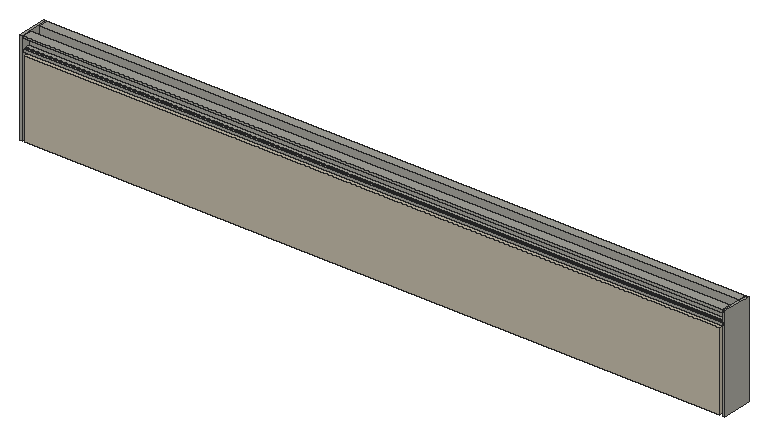
Revit family "Haworth_ComposeBeam_Panel_Solid", category Furniture Systems, Revit 2018
Family settings
  Round Connector Dimension = Use Diameter
  Part Type = Normal
  OmniClass Number = 23.40.70.14.64.21
  OmniClass Title = Systems Furniture
  Work Plane-Based = No
  Always vertical = Yes
  Cut with Voids When Loaded = No
  Shared = No
  Room Calculation Point = No
Parameters (values of type "72w 25h")
  Work Rail Top Trim [instance] = yes
  Width = 72"
  Warranty = "https://www.haworth.com/resources/product-info/warranties"
  URL - Product = "http://haworth.com/products/workspaces/panel-based/compose-connections"
  URL = "http://www.haworth.com/"
  Trim Finish = Haworth _ Paint _ Gray Tone
  Trim Depth = 3"  # constant formula
  Top Trim Width = 1/4"  # constant formula
  End Trim Top [instance] = if(Work Rail Top Trim, 26 3/4", 25 1/2")  # 26 3/4"
  Top Trim [instance] = not(Work Rail Top Trim)  # no
  Technology Trim Finish = Haworth _ Paint _ Gray Tone
  Technology Accesss Limitations [instance] = "Technology Accesss Only With Single Tile To Open Base"  # constant formula
  Sustainability Info = "http://media.haworth.com/asset/2999/Compose%20PEDS.pdf"
  Size = "Verify Final Dim. w/ Haworth"  # constant formula
  Single Tile To Floor [instance] = no
  Single Tile Open Base [instance] = not(or(Segmented Tile Open Base, Single Tile To Floor, Segmented Tile To Floor))  # yes
  Segmented Tiles [instance] = or(Segmented Tile To Floor, Segmented Tile Open Base)  # no
  Segmented Tile To Floor [instance] = no
  Segmented Tile Open Base [instance] = no
  Revision Number = "3"  # constant formula
  Panel Width = Actual Width  # 72"
  Panel Height Front [instance] = 23 1/8"  # constant formula
  Panel Height Back [instance] = 23 1/8"  # constant formula
  Model = "VZFS"  # constant formula
  Gap Offset = 1/4"  # constant formula
  Front Tile Technology Access Single [instance] = no
  Front Tile Technology Access Double [instance] = no
  Front Tile Tech Left [instance] = and(Single Tile Open Base, Front Tile Technology Access Double)  # no
  Front Tile Tech Right [instance] = and(Single Tile Open Base, or(Front Tile Technology Access Double, Front Tile Technology Access Single))  # no
  Front Panel 2 Finish [instance] = Haworth _ Fabric _ Striae _ Moonlight C1-AC
  Front Panel 1 Finish [instance] = Haworth _ Fabric _ Striae _ Moonlight C1-AC
  End Trim Right [instance] = yes
  End Trim Left [instance] = yes
  End Trim Bottom [instance] = 17"  # constant formula
  Description = "Haworth - Compose Connections - Panel - Solid"  # constant formula
  Custom Size = not(or(Width = 24", Width = 30", Width = 36", Width = 42", Width = 48", Width = 54", Width = 60", Width = 66", Width = 72"))  # no
  Panel Depth = 1/2"  # constant formula
  Back Tile Technology Access Single [instance] = no
  Back Tile Technology Access Double [instance] = yes
  Back Tile Tech Left [instance] = and(Single Tile Open Base, Back Tile Technology Access Double)  # yes
  Back Tile Tech Right [instance] = and(Single Tile Open Base, or(Back Tile Technology Access Double, Back Tile Technology Access Single))  # yes
  Back Panel 2 Finish [instance] = Haworth _ Fabric _ Striae _ Moonlight C1-AC
  Back Panel 1 Finish [instance] = Haworth _ Fabric _ Striae _ Moonlight C1-AC
  Actual Width = if(Width < Min. Width, Min. Width, if(Width > Max. Width, Max. Width, Width))  # 72"
  Actual Height = 25 1/2"  # constant formula
  Main Tile Height [instance] = 8"  # constant formula
  Bottom Tile Height [instance] = if(Segmented Tile Open Base, 7 3/4", if(Segmented Tile To Floor, 15 3/4", 1"))  # 1"
  Offset Front [instance] = 1 1/2"  # constant formula
  Offset Back [instance] = 1 1/2"  # constant formula
  Min/Max Width = "24-72 in. @ 6 in. Increments"  # constant formula
  Min/Max Height = "25.5 in."  # constant formula
  Min. Width = 24"  # constant formula
  Max. Width = 72"  # constant formula
  Manufacturer = "Haworth"  # constant formula
  Height = 25 1/2"  # constant formula
  Bottom Trim Width = 1 1/2"  # constant formula
  Author = "Haworth (Hampton)"  # constant formula
  Assembly Code = "E2020500"
  Actual End Trim Right Height [instance] = 17 1/2"  # constant formula
  Actual End Trim Left Height [instance] = if(Work Rail Top Trim, 17 1/2", 16 1/4")  # 17 1/2"
  Actual # Panels Front [instance] = if(or(Single Tile To Floor, Single Tile Open Base), 1, 2)  # 1
  Actual # Panels Back [instance] = if(or(Single Tile To Floor, Single Tile Open Base), 1, 2)  # 1
Reference planes (in)
  plane 1 "Center F/B": y = 0
  plane 2: z = 17
  plane 3 "Center L/R": x = 0.09607
  plane 4 "Left": x = -35.90393
  plane 5 "Right": x = 36.09607
  plane 6 "Top of Trim": z = 25.5
  plane 7 "Top Trim Inside": z = 25.25
  plane 8 "Front": y = -1.5
  plane 9 "Back": y = 1.5
  plane 10 "Bottom Trim Inside": z = 15.75
  plane 11 "Top of Panel": z = 25
  plane 12 "Top": z = 25.5
  plane 13: y = -1
  plane 14: y = 1
  plane 15 "Tile 1": z = 17
  plane 16 "Tile 2": z = 16.75
  plane 17: x = -35.65393
  plane 18: x = 35.84607
  plane 19 "Work Rail Top": z = 26.75
  plane 20 "Tech Right": x = 29.84607
  plane 21 "Tech Left": x = -29.65393
  plane 22: x = 36.34607
  plane 23: x = -36.15393
  plane 24: z = 26.75
  plane 25: z = 17
Forms (in)
  Sweep 1, solid, material "Haworth _ Paint _ Gray Tone" <- "Trim Finish", visible <- "Top Trim"
    path origin (0, 0, 1) x (1, 0, 0) y (0, 0, 1)
      loop
        line (-35.90393, 24.5) -> (36.09607, 24.5)
    profile "Haworth_Compose - Panel_Trim : Top" origin (0.09607, 0, 25.5) x (0, 0, 1) y (0, -1, 0)
      loop
        line (0, 1.5) -> (-0.25, 1.5) -> (-0.25, -1.5) -> (0, -1.5) -> (0, 1.5)
  Extrusion 2, solid, material "Haworth _ Fabric _ Striae _ Moonlight C1-AC" <- "Back Panel 1 Finish", visible <- "Segmented Tiles"
    sketch origin (0, -1.5, 0) x (-1, 0, 0) y (0, 0, 1)
      loop
        line (35.65393, 16.75) -> (-35.84607, 16.75) -> (-35.84607, 15.75) -> (35.65393, 15.75) -> (35.65393, 16.75)
    from 2.5 to 3
  Extrusion 3, solid, material "Haworth _ Fabric _ Striae _ Moonlight C1-AC" <- "Back Panel 2 Finish"
    sketch origin (0, -1.5, 0) x (-1, 0, 0) y (0, 0, 1)
      loop
        line (35.65393, 25) -> (-35.84607, 25) -> (-35.84607, 17) -> (35.65393, 17) -> (35.65393, 25)
    from 2.5 to 3
  Extrusion 4, solid, material "Haworth _ Fabric _ Striae _ Moonlight C1-AC" <- "Front Panel 1 Finish", visible <- "Segmented Tiles"
    sketch origin (0, -1.5, 0) x (-1, 0, 0) y (0, 0, 1)
      loop
        line (35.65393, 16.75) -> (-35.84607, 16.75) -> (-35.84607, 15.75) -> (35.65393, 15.75) -> (35.65393, 16.75)
    from 0 to 0.5
  Extrusion 5, solid, material "Haworth _ Fabric _ Striae _ Moonlight C1-AC" <- "Front Panel 2 Finish"
    sketch origin (0, -1.5, 0) x (-1, 0, 0) y (0, 0, 1)
      loop
        line (35.65393, 25) -> (-35.84607, 25) -> (-35.84607, 17) -> (35.65393, 17) -> (35.65393, 25)
    from 0 to 0.5
  Extrusion 6, solid, material "Haworth _ Paint _ Gray Tone" <- "Trim Finish"
    sketch origin (0, 0, 0) x (1, 0, 0) y (0, 0, 1)
      loop
        line (-35.90393, 25.25) -> (-35.90393, 17) -> (36.09607, 17) -> (36.09607, 25.25) -> (-35.90393, 25.25)
    from -1 to 1
  Extrusion 7, solid, material "Haworth _ Paint _ Gray Tone" <- "Trim Finish", visible <- "End Trim Left"
    sketch origin (0, 0, 0) x (1, 0, 0) y (0, 1, 0)
      loop
        line (-36.15393, 1.5) -> (-36.15393, -1.5) -> (-35.90393, -1.5) -> (-35.90393, 1.5) -> (-36.15393, 1.5)
    from 17 to 26.75
  Extrusion 8, solid, material "Haworth _ Paint _ Gray Tone" <- "Trim Finish", visible <- "End Trim Right"
    sketch origin (0, 0, 0) x (1, 0, 0) y (0, 1, 0)
      loop
        line (36.09607, 1.5) -> (36.09607, -1.5) -> (36.34607, -1.5) -> (36.34607, 1.5) -> (36.09607, 1.5)
    from 17 to 26.75
Lines and regions (in)
  Masking region 1
    outline origin (0, 0, 0) x (1, 0, 0) y (0, 1, 0)
      loop
        line (-35.90393, 1.5) -> (-35.90393, -1.5) -> (36.09607, -1.5) -> (36.09607, 1.5) -> (-35.90393, 1.5)
  Masking region 2, visible <- "End Trim Right"
    outline origin (0, 0, 0) x (1, 0, 0) y (0, 1, 0)
      loop
        line (36.09607, 1.5) -> (36.09607, -1.5) -> (36.34607, -1.5) -> (36.34607, 1.5) -> (36.09607, 1.5)
  Masking region 3, visible <- "End Trim Left"
    outline origin (0, 0, 0) x (1, 0, 0) y (0, 1, 0)
      loop
        line (-36.15393, 1.5) -> (-36.15393, -1.5) -> (-35.90393, -1.5) -> (-35.90393, 1.5) -> (-36.15393, 1.5)
  symbolic lines, style "Haworth", detail levels medium+fine
    curve 1: line (36.09607, -1, 0) -> (-35.90393, -1, 0)
    curve 2: line (36.09607, 1, 0) -> (-35.90393, 1, 0)
Dimensions and locks (in)
  equal spacing: plane 4 "Left", plane 3 "Center L/R", plane 5 "Right"
  "Actual Width": plane 4 "Left" to plane 5 "Right"
  "Actual Height": plane 12 "Top" to level
  "Top Trim Width": plane 6 "Top of Trim" to plane 7 "Top Trim Inside"
  equal spacing: plane 9 "Back", plane 1 "Center F/B", plane 8 "Front"
  "Trim Depth": plane 9 "Back" to plane 8 "Front"
  locked: plane 7 "Top Trim Inside" to plane 11 "Top of Panel" at 0.25
  "Top Trim Width": Masking region 3 sketch curve to plane 4 "Left"
  "Top Trim Width": plane 5 "Right" to Masking region 2 sketch curve
  locked: plane 12 "Top" to plane 7 "Top Trim Inside" at 0.25
  "Panel Depth": plane 13 to plane 8 "Front"
  "Panel Depth": plane 14 to plane 9 "Back"
  "Main Tile Height": plane 11 "Top of Panel" to plane 15 "Tile 1"
  "Gap Offset": plane 15 "Tile 1" to plane 16 "Tile 2"
  "Bottom Tile Height": plane 16 "Tile 2" to plane 10 "Bottom Trim Inside"
  "Gap Offset": plane 4 "Left" to plane 17
  "Gap Offset": plane 18 to plane 5 "Right"
  plane 2 to level = 17"
  locked: plane 19 "Work Rail Top" to level at 26.75
  locked: plane 20 "Tech Right" to plane 5 "Right" at 6.25
  locked: plane 4 "Left" to plane 21 "Tech Left" at 6.25
  "Gap Offset": plane 5 "Right" to plane 22
  "Gap Offset": plane 23 to plane 4 "Left"
  "End Trim Top": plane 24 to level
  "End Trim Bottom": plane 25 to level
  aligned and locked: Sweep 1 sketch curve to plane 6 "Top of Trim"
  aligned and locked: plane 5 "Right" to Sweep 1 sketch curve
  aligned and locked: plane 4 "Left" to Sweep 1 sketch curve
  aligned and locked: plane 4 "Left" to curve 2
  aligned and locked: plane 5 "Right" to curve 2
  aligned and locked: plane 17 to Extrusion 2 sketch curve
  aligned and locked: Extrusion 2 sketch curve to plane 16 "Tile 2"
  aligned and locked: Extrusion 2 sketch curve to plane 10 "Bottom Trim Inside"
  aligned and locked: plane 18 to Extrusion 2 sketch curve
  aligned and locked: Extrusion 2 to plane 14
  aligned and locked: plane 9 "Back" to Extrusion 2
  aligned and locked: plane 17 to Extrusion 3 sketch curve
  aligned and locked: Extrusion 3 sketch curve to plane 11 "Top of Panel"
  aligned and locked: Extrusion 3 sketch curve to plane 15 "Tile 1"
  aligned and locked: plane 18 to Extrusion 3 sketch curve
  aligned and locked: Extrusion 3 to plane 14
  aligned and locked: plane 9 "Back" to Extrusion 3
  aligned and locked: plane 17 to Extrusion 4 sketch curve
  aligned and locked: Extrusion 4 sketch curve to plane 10 "Bottom Trim Inside"
  aligned and locked: Extrusion 4 sketch curve to plane 16 "Tile 2"
  aligned and locked: plane 18 to Extrusion 4 sketch curve
  aligned and locked: Extrusion 4 to plane 8 "Front"
  aligned and locked: Extrusion 4 to plane 13
  aligned and locked: plane 17 to Extrusion 5 sketch curve
  aligned and locked: Extrusion 5 sketch curve to plane 11 "Top of Panel"
  aligned and locked: Extrusion 5 sketch curve to plane 15 "Tile 1"
  aligned and locked: plane 18 to Extrusion 5 sketch curve
  aligned and locked: Extrusion 5 to plane 13
  aligned and locked: Extrusion 5 to plane 8 "Front"
  aligned and locked: plane 4 "Left" to Extrusion 6 sketch curve
  aligned and locked: Extrusion 6 sketch curve to plane 7 "Top Trim Inside"
  aligned and locked: plane 2 to Extrusion 6 sketch curve
  aligned and locked: Extrusion 6 sketch curve to plane 5 "Right"
  aligned and locked: Extrusion 6 to plane 14
  aligned and locked: Extrusion 6 to plane 13
  aligned and locked: plane 1 "Center F/B" to nested 1
  aligned and locked: plane 5 "Right" to nested 1
  aligned and locked: nested 1 to plane 19 "Work Rail Top"
  aligned and locked: Extrusion 7 sketch curve to plane 23
  aligned and locked: plane 8 "Front" to Extrusion 7 sketch curve
  aligned and locked: Extrusion 7 sketch curve to plane 4 "Left"
  aligned and locked: Extrusion 7 sketch curve to plane 9 "Back"
  aligned and locked: Extrusion 8 sketch curve to plane 9 "Back"
  aligned and locked: plane 5 "Right" to Extrusion 8 sketch curve
  aligned and locked: plane 8 "Front" to Extrusion 8 sketch curve
  aligned and locked: Extrusion 8 sketch curve to plane 22
  aligned and locked: plane 24 to Extrusion 7
  aligned and locked: Extrusion 8 to plane 24
  aligned and locked: Extrusion 7 to plane 25
  aligned and locked: plane 25 to Extrusion 8
Automatic sketch dimensions
  Masking region 1 sketch curve to plane 4 "Left" = 0"
  Masking region 1 sketch curve to plane 5 "Right" = 0"
  Masking region 1 sketch curve to plane 8 "Front" = 0"
  Masking region 1 sketch curve to plane 9 "Back" = 0"
  Masking region 2 sketch curve to plane 5 "Right" = 0"
  Masking region 2 sketch curve to plane 9 "Back" = 0"
  Masking region 3 sketch curve to plane 4 "Left" = 0"
  Masking region 3 sketch curve to plane 8 "Front" = 0"
  Masking region 2 sketch curve to plane 8 "Front" = 0"
  Masking region 3 sketch curve to plane 9 "Back" = 0"
  curve 1 to plane 4 "Left" = 0"
  curve 1 to plane 5 "Right" = 0"
  plane 8 "Front" to curve 1 = 1/2"
  plane 14 to curve 2 = 0"
Nested families (in)
  nested 1: "Haworth_Parts_Compose-Work-Rail_Trim" at (-12.90734, 0, 25.25), visible <- "Work Rail Top Trim", type "Trim"
    with Width 72"
Definition of nested family "Haworth_Parts_Compose-Work-Rail_Trim"
  Parameters
    Width = 48"
    Warranty = ""
    URL - Product = ""
    URL = "www.haworth.com"
    Thin Profile = no
    Sustainability Info = ""
    Description = ""
    Size = "Verify Final Dim. w/ Haworth"  # constant formula
    Revision Number = "1"  # constant formula
    Material Options = ""
    Manufacturer = "Haworth"  # constant formula
    LEED Data = ""
    Trim Finish = none
    Author = ""
    Assembly Code = ""
    Actual Depth = 3"  # constant formula
  Reference planes (in)
    plane 1 "Center F/B": y = 0
    plane 2: z = 0
    plane 3 "Back": y = 1.5
    plane 4 "Front": y = -1.5
    plane 5 "Top": z = 42
    plane 6 "Left": x = -22.99659
    plane 7 "Right": x = 25.00341
  Forms (in)
    Extrusion 1, solid, material <- "Trim Finish"
      sketch origin (25.00341, 0, 0) x (0, 1, 0) y (0, 0, 1)
        loop
          line (-1.5, 1.5) -> (-1.5, 1.25) -> (-1.2055, 1.25) -> (-1.2055, 1.16) -> (-0.7755, 1.16) -> (-0.7755, 0.34) -> (-1.2055, 0.34) -> (-1.2055, 0.25) -> (-1.5, 0.25) -> (-1.5, 0) -> (1.5, 0) -> (1.5, 0.25) -> (1.2055, 0.25) -> (1.2055, 0.34) -> (0.7755, 0.34) -> (0.7755, 1.16) -> (1.2055, 1.16) -> (1.2055, 1.25) -> (1.5, 1.25) -> (1.5, 1.5) -> (0.5315, 1.5) -> (0.5315, 0.64302) -> (0.34507, 0.25) -> (-0.34507, 0.25) -> (-0.5315, 0.64302) -> (-0.5315, 1.5) -> (-1.5, 1.5)
      from -48 to 0
  Dimensions and locks (in)
    equal spacing: plane 3 "Back", plane 1 "Center F/B", plane 4 "Front"
    "Actual Depth": plane 3 "Back" to plane 4 "Front"
    locked: plane 5 "Top" to level at 42
    "Width": plane 6 "Left" to plane 7 "Right"
    aligned and locked: level to plane 2
    aligned and locked: Extrusion 1 to plane 6 "Left"
    aligned and locked: plane 7 "Right" to Extrusion 1
  Automatic sketch dimensions
    Extrusion 1 sketch curve to plane 4 "Front" = 0"
    plane 4 "Front" to Extrusion 1 sketch curve = 0"
    Extrusion 1 sketch curve to Extrusion 1 sketch curve = 0.2945"
    plane 4 "Front" to Extrusion 1 sketch curve = 0.2945"
    Extrusion 1 sketch curve to Extrusion 1 sketch curve = 0.43"
    Extrusion 1 sketch curve to Extrusion 1 sketch curve = 0.244"  (x2)
    plane 1 "Center F/B" to Extrusion 1 sketch curve = 0.34507"
    Extrusion 1 sketch curve to plane 1 "Center F/B" = 0.34507"
    Extrusion 1 sketch curve to Extrusion 1 sketch curve = 0.18643"
    Extrusion 1 sketch curve to plane 3 "Back" = 0.2945"  (x2)
    plane 3 "Back" to Extrusion 1 sketch curve = 0"  (x2)
    level to Extrusion 1 sketch curve = 0"
    Extrusion 1 sketch curve to Extrusion 1 sketch curve = 1/4"  (x3)
    Extrusion 1 sketch curve to Extrusion 1 sketch curve = 0.09"  (x4)
    Extrusion 1 sketch curve to Extrusion 1 sketch curve = 0.30302"  (x2)
    Extrusion 1 sketch curve to Extrusion 1 sketch curve = 0.82"  (x2)
    Extrusion 1 sketch curve to Extrusion 1 sketch curve = 0.34"  (x2)
